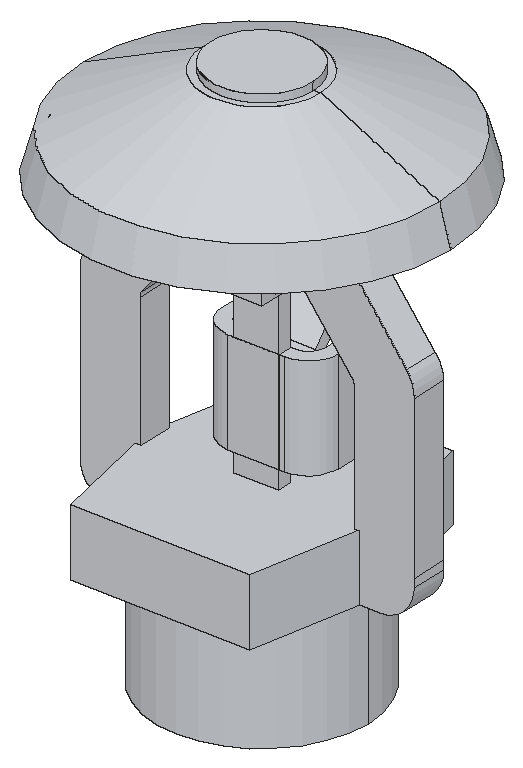
Revit family
Parameters (values of type "RASCO G XLO")
  Temperature Rating = 286 °F
  Response = (empty or 0)
  RASCO SIN # = "R2921"
  RASCO Part # = "GUX1LB"
  Pressure Rating = ""
  Pressure Class = (empty or 0)
  Orifice Size = 3/4"
  Orifice = (empty or 0)
  Model = "G XLO"
  Manufacturer = "RASCO"
  K-Factor = 11.2
  Diameter = 3/4"
  Description = "BRASS FINISH"
  Coverage = (empty or 0)
Reference planes (in)
  plane 1 "Center (Front/Back)": y = 0
  plane 2: z = 0
  plane 3 "Center (Left/Right)": x = 0
Nested families (in)
  nested 1: "RASCO- GUX1LB" at (0, -3.08717, -0.22224), type "RASCO G XLO"
Connectors (in)
  piping at (0, -3.08717, 0.0998)
    settings: on nested 1, index 1, connector radius 1/2", flow factor 0, pipe flow 0 GPM, pressure drop 0.00 psi, fitting loss kfactor 0, connector angle 0.00°, fixture units 0, flow configuration 0, flow direction 0, fitting loss method 0, system type 7, connector reference index -1, connector utility 0, adjustable connector no, is connector primary yes, fitting loss table "", connector description ""
Definition of nested family "RASCO- GUX1LB"
  Parameters (values of type "RASCO J168")
    Type Comments = ""
    Temperature Rating = 0 °F
    Response = (empty or 0)
    Pressure Rating = "0"
    Pressure Class = (empty or 0)
    Orifice Size = 0"
    Orifice = (empty or 0)
    Model = ""
    Manufacturer = ""
    K-Factor = 0
    Description = ""
    Coverage = (empty or 0)
    Assembly Code = ""
  Reference planes (in)
    plane 1 "Center (Front/Back)": y = 0
    plane 2: z = 0
    plane 3 "REF.1": z = 0.888
    plane 4 "top": z = 2.8125
    plane 5: x = -0.81624
    plane 6: x = 0.81332
    plane 7 "ref.2": z = 2.12402
    plane 8 "head": z = 2.72724
    plane 9 "left/right center": x = 0
    plane 10 "screw": z = 1.98251
    plane 11 "link2": through (0, -0.02489, 1.21079) normal (0, 0.6767, -0.7363)
    plane 12: z = 3.03474
    plane 13: z = 1.213
  Forms (in)
    Extrusion 1, solid
      sketch origin (0, 0, 0) x (1, 0, 0) y (0, 1, 0)
        loop
          circle (0, 0) r 0.5221
      from 0.32204 to 0.888
    Extrusion 2, solid
      sketch origin (0, 0, 0.888) x (-1, 0, 0) y (0, -1, 0)
        loop
          line (-0.43619, -0.62052) -> (0.4375, -0.62052) -> (0.56391, 0) -> (0.4375, 0.62052) -> (-0.43619, 0.62052) -> (-0.56259, 0) -> (-0.43619, -0.62052)
      from 0 to 0.325
    Extrusion 3, solid
      sketch origin (0, 0, 0) x (1, 0, 0) y (0, 0, 1)
        loop
          line (-0.5221, 0.888) -> (-0.5221, 1.098) -> (-0.5221, 1.86141)
          arc (-0.5221, 1.86141) -> (-0.5194, 1.87757) -> (-0.51161, 1.89198) r 0.04979
          line (-0.51161, 1.89198) -> (-0.21764, 2.26989) -> (-0.00066, 2.26989) -> (0.20278, 2.26989) -> (0.5115, 1.87435)
          arc (0.5115, 1.87435) -> (0.51938, 1.85983) -> (0.5221, 1.84354) r 0.05007
          line (0.5221, 1.84354) -> (0.5221, 1.098) -> (0.5221, 0.888) -> (0.64763, 0.888)
          arc (0.64763, 0.888) -> (0.76676, 0.93734) -> (0.8161, 1.05647) r 0.16847
          line (0.8161, 1.05647) -> (0.8161, 1.098) -> (0.8161, 1.88537)
          arc (0.8161, 1.88537) -> (0.80631, 1.94391) -> (0.77801, 1.99608) r 0.17993
          line (0.77801, 1.99608) -> (0.32662, 2.5744) -> (-0.32864, 2.5744) -> (-0.77818, 1.99651)
          arc (-0.77818, 1.99651) -> (-0.80636, 1.94441) -> (-0.8161, 1.88599) r 0.18
          line (-0.8161, 1.88599) -> (-0.8161, 1.098) -> (-0.8161, 1.05594)
          arc (-0.8161, 1.05594) -> (-0.76691, 0.93719) -> (-0.64816, 0.888) r 0.16794
          line (-0.64816, 0.888) -> (-0.5221, 0.888)
      from -0.08649 to 0.08732
    Revolve 4, solid
      sketch origin (0, 0, 0) x (1, 0, 0) y (0, 0, 1)
        loop
          line (-0.00066, 2.81189) -> (-0.32516, 2.81189)
          arc (-0.32516, 2.81189) -> (-0.339, 2.80616) -> (-0.34473, 2.79233) r 0.01957
          line (-0.34473, 2.79233) -> (-0.34473, 2.57443)
          arc (-0.34473, 2.57443) -> (-0.34132, 2.5437) -> (-0.33127, 2.51445) r 0.14031
          line (-0.33127, 2.51445) -> (-0.03397, 2.17619) -> (-0.00066, 2.17619) -> (-0.00066, 2.81189)
        axis (-0.00066, 2.81189) -> (-0.00066, 2.17619)
      angle from 0 to 360
    Extrusion 5, solid
      sketch origin (0, 0, 2.8125) x (-1, 0, 0) y (0, -1, 0)
        loop
          circle (0, 0) r 0.25
      from 0 to 0.22224
    Revolve 6, solid
      sketch origin (0, 0, 0) x (1, 0, 0) y (0, 0, 1)
        loop
          line (0, 2.99796) -> (-0.28606, 2.99796) -> (-0.87155, 2.72724) -> (-0.92272, 2.53626) -> (-0.87452, 2.53626) -> (-0.83546, 2.68206) -> (-0.27232, 2.94244) -> (0, 2.94244) -> (0, 2.99796)
        axis (0, 2.99796) -> (0, 2.53626)
      angle from 0 to 360
    Extrusion 7, solid
      sketch origin (0, 0, 0) x (1, 0, 0) y (0, 0, 1)
        loop
          line (0.10934, 1.213) -> (0.10934, 2.12264) -> (-0.11066, 2.12264) -> (-0.11066, 1.213) -> (0.10934, 1.213)
      from -0.03602 to 0.03346
    Extrusion 8, solid
      sketch origin (0, 0, 0) x (1, 0, 0) y (0, 1, 0)
        loop
          line (-0.13782, -0.03346) -> (0.13824, -0.03346)
          arc (0.13824, -0.03346) -> (0.24228, 0.00963) -> (0.28537, 0.11367) r 0.14713
          line (0.28537, 0.11367) -> (0.28537, 0.36654) -> (0.21637, 0.36654) -> (0.21637, 0.12177)
          arc (0.21637, 0.12177) -> (0.19125, 0.06113) -> (0.13062, 0.03602) r 0.08575
          line (0.13062, 0.03602) -> (-0.12969, 0.03602)
          arc (-0.12969, 0.03602) -> (-0.19046, 0.06119) -> (-0.21563, 0.12195) r 0.08594
          line (-0.21563, 0.12195) -> (-0.21563, 0.36654) -> (-0.28463, 0.36654) -> (-0.28463, 0.11335)
          arc (-0.28463, 0.11335) -> (-0.24163, 0.00954) -> (-0.13782, -0.03346) r 0.14681
      from 1.30472 to 1.80738
    Extrusion 9, solid
      sketch origin (0, 0, 0) x (0, 0, -1) y (0, -1, 0)
        loop
          circle (-1.56307, -0.22442) r 0.13793
      from -0.21637 to 0.21563
    Extrusion 10, solid
      sketch origin (0, 0, 0) x (0, 0, -1) y (0, -1, 0)
        loop
          arc (-2.17619, -0.26024) -> (-2.1058, -0.36958) -> (-1.97714, -0.35076) r 0.12011
          line (-1.97714, -0.35076) -> (-1.74478, -0.14809)
          arc (-1.74478, -0.14809) -> (-1.6682, -0.1024) -> (-1.58045, -0.08649) r 0.25
          line (-1.58045, -0.08649) -> (-1.42416, -0.08649) -> (-1.42416, -0.03602) -> (-1.5818, -0.03602)
          arc (-1.5818, -0.03602) -> (-1.69102, -0.05581) -> (-1.78634, -0.11268) r 0.31117
          line (-1.78634, -0.11268) -> (-1.99985, -0.29891)
          arc (-1.99985, -0.29891) -> (-2.07893, -0.31048) -> (-2.12219, -0.24328) r 0.07382
          line (-2.12219, -0.24328) -> (-2.12219, 0.21398) -> (-2.17619, 0.21398) -> (-2.17619, -0.26024)
      from -0.17291 to 0.17375
  Dimensions and locks (in)
    plane 5 to Extrusion 8 = 0' - 1.10161"
